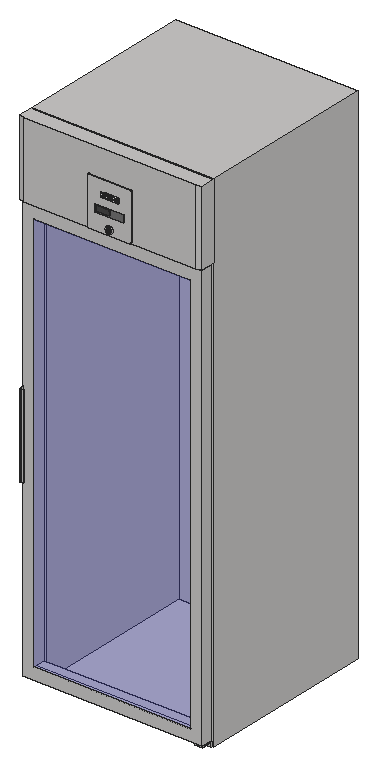
Revit family "QF_ZANUSSI_110881_ZRI075R1G", category Specialty Equipment, Revit 2018
Family settings
  Round Connector Dimension = Use Diameter
  Part Type = Normal
  Work Plane-Based = No
  Always vertical = Yes
  Cut with Voids When Loaded = No
  Shared = No
  Room Calculation Point = No
Parameters (values of type "Standard")
  Weight = 130.00 kg
  Watts = 34.3741 W
  Volts = 220 V
  URL Manufacturer = "http://www.zanussiprofessional.com"
  URL = "http://www.zanussiprofessional.com"
  Steam Supply Size = 0 mm
  Steam Supply Minimum Pressure = 0.0 Pa
  Steam Supply Maximum Pressure = 0.0 Pa
  Steam Pounds per Hour = 0
  Refrigeration Suction Line Size = 0 mm
  Refrigeration Liquid Line Size = 0 mm
  Refrigerant Compressor Remote = yes
  Manufacturer = "Zanussi"
  Phase = 1
  Model = "ZRI075R1G"
  Length Actual = 750 mm  # constant formula
  Item Number = "110881"
  Hot Water Size = 0 mm
  Height Actual = 2101 mm  # constant formula
  HP = "0.5 HP"
  Gas Size = 0 mm
  Gas KW = 0
  Gas Input Pressure = 0 W
  Description = "1-GLASS DOOR ROLL-IN REFRIGERATOR 750 LT+2°C R290"
  Depth Actual = 816 mm  # constant formula
  Cycle = 50 Hz
  Condensate Return Size = 0 mm
  Compressed Air Volume = 0.0 L/s
  Compressed Air Size = 0 mm
  Compressed Air Pressure = 0.0 Pa
  Cold Water Size = 0 mm
  Accessory = yes
Types (2, lengths in mm): name | URL | Manufacturer | Phase | Model | Description
  (no name) | 0 | 0 | 0 | 0 | 0
  Standard | "http://www.zanussiprofessional.com" | "Zanussi" | 1 | "ZRI075R1G" | "1-GLASS DOOR ROLL-IN REFRIGERATOR 750 LT+2°C R290"
Values of the unnamed type that differ from the named types
  Watts = 0 W
  Volts = 0 V
  URL Manufacturer = ""
  Item Number = ""
  HP = ""
  Cycle = 0 Hz
Reference planes
  plane 1 "Center (Front/Back)": y = 0
  plane 2: z = 0
  plane 3 "Center (Left/Right)": x = 0
  plane 4 "TOP": z = 2101
  plane 5 "FRONT": y = -408
  plane 6 "BACK": y = 408
  plane 7 "LEFT": x = -375
  plane 8 "RIGHT": x = 375
  plane 9 "ROy": y = 241
  plane 10 "RIy": y = 269
  plane 11 "ROx": x = 134
  plane 12 "RIx": x = 207
  plane 13 "ROz": z = 1996
Forms (mm)
  Extrusion 1, solid, material "QF_Finishes_Stainless Steel"
    sketch origin (0, 0, 0) x (1, 0, 0) y (0, 1, 0)
      loop
        line (-375, 408) -> (-375, -336) -> (375, -336) -> (375, 408) -> (-375, 408)
    from 0 to 2101
  Extrusion 2, solid
    sketch origin (0, 408, 1872) x (-1, 0, 0) y (0, 0, 1)
      loop
        circle (359, 124) r 10
    from 0 to 3.2
  Extrusion 3, solid, material "QF_Clearances", detail levels coarse
    sketch origin (0, 0, 0) x (1, 0, 0) y (0, 1, 0)
      loop
        line (-375, -408) -> (-375, 408) -> (375, 408) -> (375, -408) -> (425, -408) -> (425, 458) -> (-425, 458) -> (-425, -408) -> (-375, -408)
    from 0 to 2101
  Extrusion 4, solid, material "QF_Clearances", detail levels coarse
    sketch origin (0, 0, 2101) x (-1, 0, 0) y (0, -1, 0)
      loop
        line (425, -458) -> (425, 408) -> (-425, 408) -> (-425, -458) -> (425, -458)
    from 0 to 500
  Extrusion 5, void
    sketch origin (0, 408, 0) x (-1, 0, 0) y (0, 0, 1)
      loop
        line (315, 1713.5) -> (-315, 1713.5) -> (-315, 5) -> (315, 5) -> (315, 1713.5)
    from -59 to -744
Cuts and joins
  joined: Extrusion 3, Extrusion 4
  Extrusion 5 cuts Extrusion 1
Lines and regions (mm)
  symbolic lines, style "QF_Clearances", detail levels coarse
    curve 1: line (-375, -408, 2101) -> (-425, -408, 2101)
    curve 2: line (-425, -408, 2101) -> (-425, 458, 2101)
    curve 3: line (-425, 458, 2101) -> (425, 458, 2101)
    curve 4: line (425, 458, 2101) -> (425, -408, 2101)
    curve 5: line (425, -408, 2101) -> (375, -408, 2101)
Dimensions and locks
  plane 6 "BACK" to plane 1 "Center (Front/Back)" to plane 5 "FRONT" = 408 mm, 408 mm
  equal spacing: plane 7 "LEFT", plane 3 "Center (Left/Right)", plane 8 "RIGHT"
  plane 7 "LEFT" to plane 8 "RIGHT" = 750 mm
  plane 6 "BACK" to plane 5 "FRONT" = 816 mm
  plane 4 "TOP" to plane 2 = 2101 mm
  equal spacing: plane 8 "RIGHT", plane 3 "Center (Left/Right)", plane 7 "LEFT"
  cut or joined group of Extrusion 1, Extrusion 5 to cut or joined group of Extrusion 1, Extrusion 5 = 630 mm
  cut or joined group of Extrusion 1, Extrusion 5 to cut or joined group of Extrusion 1, Extrusion 5 = 685 mm
  plane 6 "BACK" to plane 10 "RIy" = 139 mm
  plane 6 "BACK" to plane 9 "ROy" = 167 mm
  plane 12 "RIx" to cut or joined group of Extrusion 1, Extrusion 5 = 168 mm
  plane 11 "ROx" to plane 12 "RIx" = 73 mm
  cut or joined group of Extrusion 1, Extrusion 5 to plane 13 "ROz" = 105 mm
  cut or joined group of Extrusion 3, Extrusion 4 to plane 4 "TOP" = 500 mm
  nested 1 to cut or joined group of Extrusion 1, Extrusion 5 = 810 mm
  nested 1 to nested 1 = 16 mm
  cut or joined group of Extrusion 3, Extrusion 4 to cut or joined group of Extrusion 1, Extrusion 5 = 50 mm
  cut or joined group of Extrusion 3, Extrusion 4 to plane 7 "LEFT" = 50 mm
  cut or joined group of Extrusion 1, Extrusion 5 to cut or joined group of Extrusion 3, Extrusion 4 = 50 mm
  plane 4 "TOP" to plane 13 "ROz" = 105 mm
  aligned and locked: level to plane 2
Automatic sketch dimensions
  plane 7 "LEFT" to Extrusion 2 sketch curve = 16 mm
  Extrusion 4 sketch curve to plane 5 "FRONT" = 0 mm
  Extrusion 4 sketch curve to plane 8 "RIGHT" = 50 mm
  Extrusion 4 sketch curve to plane 7 "LEFT" = 50 mm
  plane 6 "BACK" to Extrusion 4 sketch curve = 50 mm
  curve 5 to plane 5 "FRONT" = 0 mm
  curve 5 to plane 8 "RIGHT" = 0 mm
  curve 1 to plane 5 "FRONT" = 0 mm
  curve 1 to plane 7 "LEFT" = 0 mm
  curve 4 to plane 8 "RIGHT" = 50 mm
  curve 2 to plane 7 "LEFT" = 50 mm
  plane 6 "BACK" to curve 3 = 50 mm
  Extrusion 1 sketch curve to plane 7 "LEFT" = 0 mm
  Extrusion 1 sketch curve to plane 8 "RIGHT" = 0 mm
  Extrusion 1 sketch curve to plane 6 "BACK" = 0 mm
  plane 5 "FRONT" to Extrusion 1 sketch curve = 72 mm
  Extrusion 2 sketch curve to plane 4 "TOP" = 105 mm
  Extrusion 3 sketch curve to plane 5 "FRONT" = 0 mm  (x2)
  Extrusion 3 sketch curve to plane 7 "LEFT" = 0 mm
  Extrusion 3 sketch curve to plane 6 "BACK" = 0 mm
  Extrusion 3 sketch curve to plane 8 "RIGHT" = 0 mm
  Extrusion 3 sketch curve to plane 7 "LEFT" = 50 mm
  Extrusion 3 sketch curve to plane 8 "RIGHT" = 50 mm
  plane 6 "BACK" to Extrusion 3 sketch curve = 50 mm
  level to Extrusion 5 sketch curve = 5 mm
  plane 8 "RIGHT" to Extrusion 5 sketch curve = 60 mm
  plane 7 "LEFT" to Extrusion 5 sketch curve = 60 mm
  Extrusion 5 sketch curve to plane 4 "TOP" = 387.5 mm
  radius of Extrusion 2 sketch curve = 10 mm
Nested families
  nested 1: "QF_110881_Door" at (0, -336, 1050.5) x (1, 0, 0) z (0, -1, 0), type "QF_110881_Door"
    with Show Clearance yes
  nested 2: "Refrigerator" at (370, -442.5, 110), type "Refrigerator"
Connectors
  electrical at (-359, 411.2, 1996), driven by "Volts"
    settings: on Extrusion 2, index 2, voltage 220 V, apparent load 0 VA, apparent load phase1 0 VA, apparent load phase2 0 VA, apparent load phase3 0 VA, power factor 1, load classification "Other", number of poles 1, system type 30, power factor state 1, is connector primary yes, connector utility no, sub classification motor no, connector description "Electrical Connection"
Definition of nested family "QF_110881_Door"
  Parameters
    Show Clearance [instance] = yes
    Model = "110881"
    Default Elevation = 1219.2 mm
  Reference planes
    plane 1 "Center (Front/Back)": y = 0
    plane 2: z = 0
    plane 3 "Center (Left/Right)": x = 0
  Forms (mm)
    Extrusion 1, solid
      sketch origin (0, -919.2, 0) x (1, 0, 0) y (0, 1, 0)
        loop
          line (-740, 2119.2) -> (-740, -324.806) -> (846.344, -324.806) -> (846.344, 2119.2) -> (-740, 2119.2)
      from 0 to -59.546
    Extrusion 2, solid
      sketch origin (0, 0, 0) x (1, 0, 0) y (0, 0, 1)
        loop
          line (-375, 60.667) -> (-375, 0) -> (375, 0) -> (375, 60.667) -> (355, 66) -> (-355, 66) -> (-375, 60.667)
      from -1050.5 to -740.5
    Extrusion 3, solid
      sketch origin (0, 0, 0) x (1, 0, 0) y (0, 0, 1)
        loop
          line (-370, 53) -> (-370, 8) -> (-348, 8) -> (-348, 0) -> (362, 0) -> (362, 8) -> (370, 8) -> (370, 53) -> (-370, 53)
      from -733.5 to 1025.5
    Extrusion 4, solid
      sketch origin (147, -711.5, 0) x (0, 1, 0) y (0, 0, 1)
        loop
          line (-323.003, 40.312) -> (-316.501, 40.312) -> (-316.501, 42.812) -> (-325.503, 42.812) -> (-325.503, 2.5) -> (-339, 2.5) -> (-339, 0) -> (-323.003, 0) -> (-323.003, 12.259) -> (-323.003, 40.312)
        loop
          line (-314, 38.311) -> (-316.501, 38.311) -> (-316.501, 14.304) -> (-319.752, 14.304) -> (-319.752, 11.804) -> (-314, 11.804) -> (-314, 38.311)
      from 185 to 220
    Extrusion 5, solid
      sketch origin (147, 499.597, 0) x (0, 1, 0) y (0, 0, 1)
        loop
          line (233.903, 27.948) -> (233.903, 2.948) -> (233.903, 0) -> (240.903, 0) -> (240.903, 2.5) -> (236.403, 2.5) -> (236.403, 27.948) -> (233.903, 27.948)
      from 185 to 220
    Extrusion 6, solid, detail levels coarse
      sketch origin (24, 1013.369, -334) x (-1, 0, 0) y (0, 0, -1)
        loop
          line (-367, -352) -> (-367, -1085) -> (-329, -1085) -> (-329, -1062) -> (-311, -1062) -> (-311, -1044) -> (-303, -1044) -> (-303, -387) -> (-351, -387) -> (-351, -352) -> (-367, -352)
      from 2038.869 to 279.869
    Extrusion 7, solid, detail levels coarse
      sketch origin (41, 1123.369, -334) x (1, 0, 0) y (0, 0, 1)
        loop
          line (286, 400) -> (286, 1044) -> (294, 1044) -> (294, 1062) -> (312, 1062) -> (312, 1085)
          arc (312, 1085) -> (-186.004, 886.559) -> (-411.055, 400) r 724.112
          line (-411.055, 400) -> (286, 400)
      from 2148.869 to 389.869
    Extrusion 8, void
      sketch origin (0, 0, 0) x (1, 0, 0) y (0, 0, 1)
        loop
          line (-325, 66) -> (-325, 0) -> (325, 0) -> (325, 66) -> (-325, 66)
      from -683.5 to 975.5
    Extrusion 9, solid
      sketch origin (0, 0, -13) x (1, 0, 0) y (0, 0, 1)
        loop
          line (-325, 66) -> (-325, 56) -> (325, 56) -> (325, 66) -> (-325, 66)
      from -683.5 to 975.5
    Extrusion 10, solid
      sketch origin (0, 0, 0) x (0, 1, 0) y (0, 0, 1)
        loop
          line (43.095, 67) -> (-300, 67) -> (-308.452, 48.874) -> (-318.452, 48.874) -> (-318.452, 13.874) -> (61.548, 13.874) -> (61.548, 48.874) -> (51.548, 48.874) -> (43.095, 67)
        loop
          circle (11.603, 32.256) r 5
        loop
          circle (-273.397, 32.256) r 5
        loop
          circle (11.603, 32.256) r 6
        loop
          circle (-273.397, 32.256) r 5.995
      from -368.4 to -370
    Extrusion 11, solid
      sketch origin (0, 0, 0) x (0, 1, 0) y (0, 0, 1)
        loop
          line (43.095, 67) -> (-300, 67) -> (-300.746, 65.4) -> (43.841, 65.4) -> (43.095, 67)
      from -370 to -355
    Extrusion 12, void
      sketch origin (0, 0, 0) x (0, 1, 0) y (0, 0, 1)
        loop
          line (-300.746, 65.4) -> (-308.452, 48.874) -> (-318.452, 48.874) -> (-318.452, 13.874) -> (61.548, 13.874) -> (61.548, 48.874) -> (51.548, 48.874) -> (43.841, 65.4) -> (-300.746, 65.4)
      from -370 to -368.4
  Cuts and joins
    Extrusion 8, Extrusion 12 cuts Extrusion 3
    Extrusion 8 cuts Extrusion 7
  Lines and regions (mm)
    symbolic lines
      curve 1: line (-355, 0, 66) -> (355, 0, 66)
      curve 2: line (-375, 0, 0) -> (-375, 0, 60.667)
      curve 3: line (375, 0, 0) -> (-375, 0, 0)
      curve 4: line (391, 0, 18) -> (391, 0, 751)
      curve 5: line (327, 0, 66) -> (327, 0, 710)
      curve 6: line (353, 0, 728) -> (353, 0, 751)
      curve 7: line (335, 0, 728) -> (353, 0, 728)
      curve 8: line (335, 0, 710) -> (335, 0, 728)
      curve 9: line (327, 0, 710) -> (335, 0, 710)
      curve 10: line (373.671, 0, 18) -> (391, 0, 18)
      curve 11: line (375, 0, 0) -> (375, 0, 60.667)
      curve 12: line (375, 0, 60.667) -> (355, 0, 66)
      curve 13: line (-355, 0, 66) -> (-375, 0, 60.667)
      curve 14: line (353, 0, 751) -> (391, 0, 751)
      curve 15: arc (353, 0, 751) -> (-144.641, 0, 552.903) -> (-370, 0, 67) r 724.112
  Dimensions and locks
    Extrusion 4 to Extrusion 2 = 2101 mm
    Extrusion 3 to Extrusion 3 = 740 mm
    aligned and locked: plane 2 to Extrusion 1
    aligned and locked: level to Extrusion 1
  Nested families
    nested 1: "QF_DisplayNewRollCabinets_ZAN" at (0, 840.5, 66), type "QF_DisplayNewRollCabinets_ZAN"
      with Show Clearance yes
  Definition of nested family "QF_DisplayNewRollCabinets_ZAN"
    Parameters
      Show Clearance [instance] = yes
      Model = "728658"
      Default Elevation = 1219.2 mm
    Reference planes
      plane 1 "Center (Front/Back)": y = 0
      plane 2: z = 0
      plane 3 "Center (Left/Right)": x = 0
    Forms (mm)
      Extrusion 1, solid
        sketch origin (0, -919.2, 0) x (1, 0, 0) y (0, 1, 0)
          loop
            line (-198.75, 1146.2) -> (-198.75, 709.567) -> (165.741, 709.567) -> (165.741, 1146.2) -> (-198.75, 1146.2)
        from 0 to -59.546
      Extrusion 2, solid
        sketch origin (-59, -79.611, 0) x (0, 1, 0) y (-1, 0, 0)
          loop
            circle (0.611, -59) r 14
          loop
            circle (0.611, -59) r 10
        from 1.6 to 6
      Extrusion 3, solid
        sketch origin (744.635, 285.889, 0) x (0, 1, 0) y (-1, 0, 0)
          loop
            circle (-364.889, 744.635) r 10
          loop
            circle (-364.889, 744.635) r 9
        from 1.6 to 6
      Extrusion 4, solid
        sketch origin (744.635, 285.889, 0) x (0, 1, 0) y (-1, 0, 0)
          loop
            circle (-364.889, 744.635) r 8.7
        from 1.6 to 6
      Extrusion 5, void
        sketch origin (744.635, 285.889, 0) x (0, 1, 0) y (-1, 0, 0)
          loop
            line (-372.339, 745.885) -> (-372.339, 743.385) -> (-362.339, 743.385) -> (-362.339, 745.885) -> (-372.339, 745.885)
        from 3 to 7
      Extrusion 6, solid
        sketch origin (0, 0, 0) x (1, 0, 0) y (0, 1, 0)
          loop
            arc (-90, -95) -> (-88.536, -98.536) -> (-85, -100) r 5
            line (-85, -100) -> (85, -100)
            arc (85, -100) -> (88.536, -98.536) -> (90, -95) r 5
            line (90, -95) -> (90, 95)
            arc (90, 95) -> (88.536, 98.536) -> (85, 100) r 5
            line (85, 100) -> (-85, 100)
            arc (-85, 100) -> (-88.536, 98.536) -> (-90, 95) r 5
            line (-90, 95) -> (-90, -95)
          loop
            line (-60, -3.798) -> (-60, -32.827) -> (60, -32.827) -> (60, -3.798) -> (-60, -3.798)
        from 0 to 1.6
      Extrusion 7, solid
        sketch origin (0, 0, 0) x (1, 0, 0) y (0, 1, 0)
          loop
            line (-60, -3.798) -> (-60, -32.827) -> (60, -32.827) -> (60, -3.798) -> (-60, -3.798)
          loop
            line (-56.428, -8.037) -> (-56.428, -28.331) -> (0, -28.331) -> (0, -8.037) -> (-56.428, -8.037)
        from 0 to 1.6
      Extrusion 8, solid
        sketch origin (0, 0, 0) x (1, 0, 0) y (0, 1, 0)
          loop
            line (-56.428, -8.037) -> (-56.428, -28.331) -> (0, -28.331) -> (0, -8.037) -> (-56.428, -8.037)
        from 0 to 1.6
      Extrusion 9, solid
        sketch origin (0, 15, 0) x (1, 0, 0) y (0, 1, 0)
          loop
            line (-24.658, 16.724) -> (-24.658, 20.689) -> (-30.605, 20.689) -> (-24.658, 32.81) -> (-24.658, 36.095) -> (-34.514, 36.095) -> (-34.514, 32.47) -> (-29.303, 32.583) -> (-34.967, 20.689) -> (-34.967, 16.724) -> (-24.658, 16.724)
          loop
            line (-18.968, 23.974) -> (-16.702, 23.974) -> (-17.835, 32.784) -> (-18.968, 23.974)
          loop
            line (-19.988, 16.724) -> (-19.421, 20.462) -> (-16.136, 20.462) -> (-15.57, 16.724) -> (-11.491, 16.724) -> (-15.116, 36.095) -> (-20.554, 36.095) -> (-24.066, 16.724) -> (-19.988, 16.724)
          loop
            line (-10.989, 36.095) -> (-10.989, 16.724) -> (-7.478, 16.724) -> (-7.478, 29.525) -> (-4.192, 16.724) -> (0.113, 16.724) -> (0.113, 36.095) -> (-3.512, 36.095) -> (-3.512, 23.747) -> (-6.798, 36.095) -> (-10.989, 36.095)
          loop
            arc (1.019, 21.515) -> (5.865, 16.692) -> (11.328, 20.802) r 5.22
            line (11.328, 20.802) -> (11.328, 36.095) -> (7.363, 36.095) -> (7.363, 21.708)
            arc (7.363, 21.708) -> (6.321, 20.507) -> (4.984, 21.368) r 1.214
            line (4.984, 21.368) -> (4.984, 36.095) -> (1.019, 36.095) -> (1.019, 21.515)
          loop
            line (18.691, 29.978) -> (22.43, 29.978) -> (22.491, 31.739)
            arc (22.491, 31.739) -> (22.231, 33.702) -> (20.999, 35.254) r 3.719
            arc (20.999, 35.254) -> (17.381, 36.433) -> (13.762, 35.254) r 6.139
            arc (13.762, 35.254) -> (12.287, 32.389) -> (12.47, 29.172) r 6.125
            arc (12.47, 29.172) -> (13.682, 27.393) -> (15.169, 25.838) r 13.068
            line (15.169, 25.838) -> (16.84, 24.357)
            arc (16.84, 24.357) -> (17.826, 23.519) -> (18.593, 22.477) r 5.571
            arc (18.593, 22.477) -> (18.403, 20.654) -> (16.617, 20.247) r 1.573
            arc (16.617, 20.247) -> (16.079, 20.792) -> (15.849, 21.521) r 1.631
            arc (15.849, 21.521) -> (15.831, 22.035) -> (15.849, 22.549) r 7.441
            arc (15.849, 22.549) -> (15.866, 23.035) -> (15.849, 23.521) r 7.03
            line (15.849, 23.521) -> (11.894, 23.521)
            arc (11.894, 23.521) -> (11.932, 20.748) -> (13.025, 18.199) r 7.131
            arc (13.025, 18.199) -> (18.19, 16.728) -> (22.54, 19.877) r 6.148
            arc (22.54, 19.877) -> (22.619, 23.128) -> (21.224, 26.067) r 7.021
            line (21.224, 26.067) -> (16.879, 29.978)
            arc (16.879, 29.978) -> (16.291, 30.717) -> (15.976, 31.606) r 2.858
            arc (15.976, 31.606) -> (17.094, 33.203) -> (18.691, 32.085) r 1.379
            line (18.691, 32.085) -> (18.691, 29.978)
          loop
            line (29.989, 29.978) -> (33.728, 29.978) -> (33.789, 31.739)
            arc (33.789, 31.739) -> (33.529, 33.702) -> (32.297, 35.254) r 3.719
            arc (32.297, 35.254) -> (28.679, 36.433) -> (25.061, 35.254) r 6.139
            arc (25.061, 35.254) -> (23.585, 32.389) -> (23.768, 29.172) r 6.125
            arc (23.768, 29.172) -> (24.98, 27.393) -> (26.468, 25.838) r 13.068
            line (26.468, 25.838) -> (28.138, 24.357)
            arc (28.138, 24.357) -> (29.125, 23.519) -> (29.892, 22.477) r 5.571
            arc (29.892, 22.477) -> (29.702, 20.654) -> (27.915, 20.247) r 1.573
            arc (27.915, 20.247) -> (27.378, 20.792) -> (27.147, 21.521) r 1.631
            arc (27.147, 21.521) -> (27.13, 22.035) -> (27.147, 22.549) r 7.441
            arc (27.147, 22.549) -> (27.164, 23.035) -> (27.147, 23.521) r 7.03
            line (27.147, 23.521) -> (23.192, 23.521)
            arc (23.192, 23.521) -> (23.231, 20.748) -> (24.324, 18.199) r 7.131
            arc (24.324, 18.199) -> (29.488, 16.728) -> (33.838, 19.877) r 6.148
            arc (33.838, 19.877) -> (33.917, 23.128) -> (32.523, 26.067) r 7.021
            line (32.523, 26.067) -> (28.177, 29.978)
            arc (28.177, 29.978) -> (27.589, 30.717) -> (27.274, 31.606) r 2.858
            arc (27.274, 31.606) -> (28.393, 33.203) -> (29.989, 32.085) r 1.379
            line (29.989, 32.085) -> (29.989, 29.978)
          loop
            line (34.551, 36.095) -> (34.551, 16.724) -> (38.516, 16.724) -> (38.516, 36.095) -> (34.551, 36.095)
        from 1.6 to 3.2
      Extrusion 10, solid
        sketch origin (0, 0, 0) x (1, 0, 0) y (0, 1, 0)
          loop
            line (1.25, -86.45) -> (1.25, -76.45) -> (-1.25, -76.45) -> (-1.25, -86.45) -> (1.25, -86.45)
        from 1.6 to 6
    Cuts and joins
      Extrusion 5 cuts Extrusion 4
    Lines and regions (mm)
      symbolic lines
        curve 1: line (52.518, 0, 4) -> (-53.037, 0, 4)
        curve 2: line (40, 0, 4) -> (40, 0, 6)
        curve 3: line (40, 0, 6) -> (-40, 0, 6)
        curve 4: line (-40, 0, 6) -> (-40, 0, 4)
        curve 5: line (-64.765, 0, 0) -> (-53.037, 0, 4)
        curve 6: line (52.518, 0, 4) -> (64.135, 0, 0)
    Dimensions and locks
      aligned and locked: plane 2 to Extrusion 1
      aligned and locked: level to Extrusion 1
Definition of nested family "Refrigerator"
  Reference planes
    plane 1 "Center (Front/Back)": y = 0
    plane 2: z = 0
    plane 3 "Center (Left/Right)": x = 0
  Lines and regions (mm)
    detail lines, in view "Ref. Level"
      curve 1: spline (-500, 190, 0) -> (-493.185, 166.706, 0) -> (-473.205, 145, 0) -> (-441.421, 126.36, 0) -> (-400, 112.058, 0) -> (-351.764, 103.067, 0) -> (-300, 100, 0) -> (-248.236, 103.067, 0) -> (-200, 112.058, 0) -> (-158.579, 126.36, 0) -> (-126.795, 145, 0) -> (-106.815, 166.706, 0) -> (-100, 190, 0) -> (-106.815, 213.294, 0) -> (-126.795, 235, 0) -> (-158.579, 253.64, 0) -> (-200, 267.942, 0) -> (-248.236, 276.933, 0) -> (-300, 280, 0) -> (-351.764, 276.933, 0) -> (-400, 267.942, 0) -> (-441.421, 253.64, 0) -> (-473.205, 235, 0) -> (-493.185, 213.294, 0) -> (-500, 190, 0)
      curve 2: line (-300, 130, 0) -> (-300, 250, 0)
      curve 3: line (-351.962, 220, 0) -> (-248.038, 160, 0)
      curve 4: line (-351.962, 160, 0) -> (-248.038, 220, 0)
      curve 5: line (-280.884, 246.873, 0) -> (-300, 225, 0)
      curve 6: line (-300, 225, 0) -> (-319.116, 246.873, 0)
      curve 7: line (-330.311, 207.5, 0) -> (-339.696, 234.992, 0)
      curve 8: line (-358.812, 201.882, 0) -> (-330.311, 207.5, 0)
      curve 9: line (-330.311, 172.5, 0) -> (-358.812, 178.118, 0)
      curve 10: line (-339.696, 145.008, 0) -> (-330.311, 172.5, 0)
      curve 11: line (-300, 155, 0) -> (-319.116, 133.127, 0)
      curve 12: line (-280.884, 133.127, 0) -> (-300, 155, 0)
      curve 13: line (-269.689, 172.5, 0) -> (-260.304, 145.008, 0)
      curve 14: line (-241.188, 178.118, 0) -> (-269.689, 172.5, 0)
      curve 15: line (-269.689, 207.5, 0) -> (-241.188, 201.882, 0)
      curve 16: line (-260.304, 234.992, 0) -> (-269.689, 207.5, 0)
